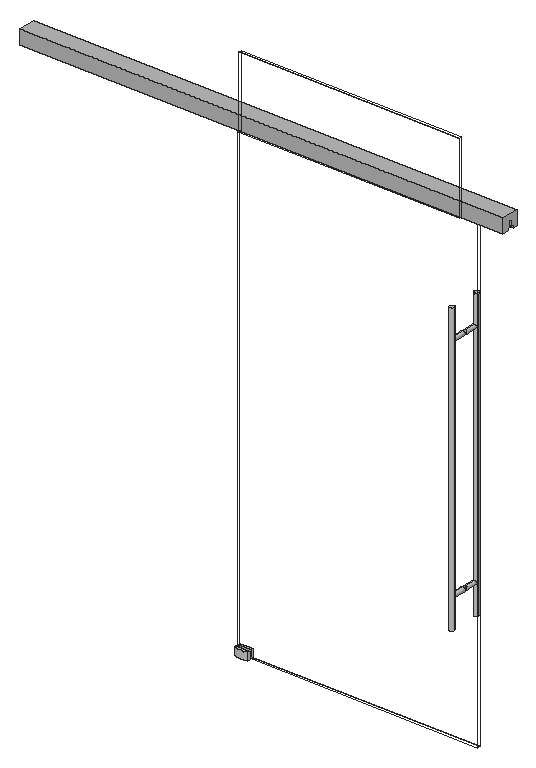
Revit family "Doors_Sliding_Avanti_Systems_Polaris-Auto-Magnetic-Slider_Single-Glass-Mount-Sgl-Glazed", category Doors, Revit 2015
Parameters (values of type "Load Family Type Catalog")
  Youtube clip = ""
  Weight Net (Kg) = "0"
  Warranty = "1 year"  # constant formula
  Uniformat II Description = "Interior Doors"
  Uniformat II Code = "C1020"
  Uniclass 2015 Name = "Sliding door and partition sets"
  Uniclass 2015 Code = "Pr_30_59_24_80"
  Uniclass 2.0 Description = "Sliding Door And Partition Sets"
  Uniclass 2.0 Code = "PR-59-23-77"
  Uniclass 1.4 Description = "Doors"
  Uniclass 1.4 Code = "JL20"
  URL = "https://www.avantisystemsusa.com"
  UNSPSC Code = "30171501"
  Type = 1
  Transome Glass Width [instance] = 36 5/8"
  Transome Glass Height [instance] = 12"
  Transom Height [instance] = 12"
  Thickness = if(Type = 1, 1/2", if(Type = 2, 3/8", if(Type = 3, 7/16", if(Type = 4, 9/16", 3/4"))))  # 1/2"
  Technical description = ""
  Stainless Steel Finish = "Yes"  # constant formula
  Sound Rating = 0
  Region South America = "All"
  Region Oceania = "All"
  Region North America = "All"
  Region Middle East = "All"
  Region Europe = "All"
  Region Asia = "All"
  Region Antarctica = "All"
  Region Africa = "All"
  Rail material [instance] = Polyester powder - Avanti - White aluminium METALLIC - RAL9006
  Rail Length [instance] = (Opening Width * 2) + 6 5/16"  # 80 5/16"
  QR code = "http://bimobject.com/avantisystems/product/avanti-polaris-auto-magnetic-slider"
  Product url = "https://www.avantisystemsusa.com/glass-products/doors/sliding-doors/automatic-doors/"
  Product group = "Automatic Doors"
  Product family = "Sliding Doors"
  Product data url = "https://bimobject.com/avantisystems/product/avanti-polaris-auto-magnetic-slider"
  Product certification = ""
  Product SKU = "avanti-polaris-auto-magnetic-slider"
  Product Guid = "5e847812-9909-4e74-9d64-870bde1c5a5f"
  Power = 110 V  # constant formula
  Opening Width [instance] = 37"
  OmniClass Description = "Sliding All Glass Doors"
  OmniClass Code = "23-17 11 23 13"
  Nominal width = 0"
  Nominal height = 0"
  NBS Reference Description = "Sliding Door And Partition Sets"
  NBS Reference Code = "59-23-77"
  Model = "Polaris™ Auto Magnetic Slider"  # constant formula
  Material secondary = "Aluminium"
  Material main = "Glass"
  Masterformat 2014 Description = "Sliding Aluminum-Framed Glass Doors"
  Masterformat 2014 Code = "08 32 13"
  Manufacturer name = "Avanti Systems"
  Manufacturer country = ""
  Manufacturer = "Avanti Systems USA"  # constant formula
  Lock = "Thumb turn floor lock with a key"
  Ladder Pull Height [instance] = 18"
  LEED compatibility = "LEED 2009 (v3): MRc3, MRc4, MRc5, MRc7, EQc4.2, EQc8.1 and EQc8.2. LEED v4: MRc1, MRc3, MRc4, MRc8, EQc2, EQc7 and EQc8."  # constant formula
  Installation instructions = ""
  IFC Classification = "Door"
  Hardware material [instance] = Stainless Steel - Avanti- Brushed Finish
  Handle type [instance] = Handle : 48" Ladder Pull
  Glazing = "Safety Glazing SGCC"
  Glass Width [instance] = 40"
  Glass Material = Glass - Avanti -  Low Iron
  Glass Marker = yes
  Glass Height [instance] = 80.34809"
  Gap Thickness = if(Type = 1, 1 1/4", if(Type = 2, 1 39/128", if(Type = 3, 1 35/128", if(Type = 4, 1 27/128", 1 15/128"))))  # 1 1/4"
  Function = Interior
  Edition number = 1
  EAN code = ""
  Design country = "United States"
  Description = "The newset innovation in modern interior office entryway design."  # constant formula
  Date of publishing = ""
  Clear Anodic Finish = "ASTM B221 (ASTM B221M)"  # constant formula
  COBIe Type Category = ""
  Brand url = "http://www.avantisystemsusa.com/"
  BIMobject main category code = "doors"
  BIMobject main category = "Doors"
  BIMobject category code = "doors-sliding"
  BIMobject category = "Sliding"
  Analytic Construction = "<None>"
Reference planes (in)
  plane 1 "Center (Front/Back)": y = 0
  plane 2: z = 0
  plane 3 "Center (Left/Right)": x = 3.24894
  plane 4: x = -15.25106
  plane 5: x = 21.74894
  plane 6 "Top": z = 91.14172
  plane 7 "Curtain_wall_center": y = 0
  plane 8 "Curtain_wall_exterior": y = 0.25
  plane 9 "Curtain_wall_interior": y = -0.25
  plane 10 "Top_panel_height": z = 79.14172
  plane 11 "Doors_exterior": y = 2
  plane 12 "Doors_center": y = 1.75
  plane 13 "Doors_interior": y = 1.5
  plane 14 "Door_offset_left": x = -16.75106
  plane 15 "Door_offset_right": x = 23.24894
  plane 16 "Door_offset_top": z = 80.5
  plane 17 "Handle_placement_top": z = 18
  plane 18 "Handle_placement_level": x = 20.74894
  plane 19: x = -14.76823
  plane 20: z = 0.15191
  plane 21: x = -51.87606
  plane 22: x = 28.43644
  plane 23: x = 21.56144
  plane 24: x = -15.06356
  plane 25: z = 90.95422
  plane 26: z = 40.25
Forms (in)
  Extrusion 1, solid, material "Glass - Avanti -  Low Iron" <- "Glass Material"
    sketch origin (0, 0, 0) x (1, 0, 0) y (0, 1, 0)
      loop
        line (-16.75106, 2) -> (-16.75106, 1.5) -> (23.24894, 1.5) -> (23.24894, 2) -> (-16.75106, 2)
    from 0.15191 to 80.5
  Extrusion 2, solid, material "Stainless Steel - Avanti- Brushed Finish" <- "Hardware material"
    sketch origin (0, 0, 0) x (1, 0, 0) y (0, 1, 0)
      loop
        arc (-17.01409, 1.23406) -> (-15.89116, 1.03173) -> (-14.76823, 1.23406) r 3.2173
        line (-14.76823, 1.23406) -> (-14.76823, 2.26594)
        arc (-14.76823, 2.26594) -> (-15.89116, 2.5166) -> (-17.01409, 2.26594) r 2.64063
        line (-17.01409, 2.26594) -> (-17.01409, 1.23406)
    from 0 to 1.21575
  Extrusion 3, void
    sketch origin (3.24894, 0, 0) x (0, 1, 0) y (0, 0, 1)
      loop
        line (2, 1.21575) -> (1.5, 1.21575) -> (1.5, 0.15191) -> (2, 0.15191) -> (2, 1.21575)
    from -20.26303 to -18.01717
  Sweep 4, solid, material "Polyester powder - Avanti - White aluminium METALLIC - RAL9006" <- "Rail material"
    path origin (0, 0, 0) x (1, 0, 0) y (0, 0, 1)
      loop
        line (28.43644, 80.5) -> (-51.87606, 80.5)
    profile origin (-11.71981, 0, 80.5) x (0, 0, -1) y (0, -1, 0)
      loop
        line (1.35828, -0.25) -> (-1.00393, -0.25) -> (-1.00393, -3.01227) -> (1.35828, -3.01227) -> (1.35828, -2.42172) -> (0.96064, -2.42172) -> (0.96064, -2) -> (0, -2) -> (0, -1.5) -> (1.00001, -1.5) -> (1.00001, -1.22486) -> (1.35828, -1.22486) -> (1.35828, -0.25)
  Extrusion 5, solid, material "Glass - Avanti -  Low Iron" <- "Glass Material"
    sketch origin (0, 0, 0) x (1, 0, 0) y (0, 1, 0)
      loop
        line (-15.06356, 0.25) -> (-15.06356, -0.25) -> (21.56144, -0.25) -> (21.56144, 0.25) -> (-15.06356, 0.25)
    from 79.14172 to 91.14172
Cuts and joins
  Extrusion 3 cuts Extrusion 2
Lines and regions (in)
  symbolic lines, style "0"
    curve 1: line (-17.01409, 1.23406, 0) -> (-17.01409, 2.26594, 0)
    curve 2: line (-14.76823, 1.23406, 0) -> (-14.76823, 2.26594, 0)
    curve 3: circle (-16.75106, 1.75, 0) r 0.22256 normal (0, 0, 1)
    curve 4: circle (-16.75106, 1.75, 0) r 0.13151 normal (0, 0, 1)
    curve 5: circle (-15.03126, 1.75, 0) r 0.22256 normal (0, 0, 1)
    curve 6: circle (-15.03126, 1.75, 0) r 0.13151 normal (0, 0, 1)
    curve 7: arc (-15.42624, 1.37569, 0) -> (-15.29429, 1.75, 0) -> (-15.42624, 2.12431, 0) r 0.59687
    curve 8: arc (-16.35608, 2.12431, 0) -> (-16.48803, 1.75, 0) -> (-16.35608, 1.37569, 0) r 0.59687
    curve 9: line (-14.76823, 2.12431, 0) -> (-17.01409, 2.12431, 0)
    curve 10: line (-14.76823, 1.37569, 0) -> (-17.01409, 1.37569, 0)
    curve 21: arc (-14.76823, 1.23406, 0) -> (-15.89116, 1.03173, 0) -> (-17.01409, 1.23406, 0) r 3.2173
    curve 35: line (-14.76823, 1.5, 0) -> (23.24894, 1.5, 0)
    curve 36: line (23.24894, 1.5, 0) -> (23.24894, 2, 0)
    curve 37: line (-14.76823, 2, 0) -> (23.24894, 2, 0)
    curve 38: line (3.24894, 0.25, 91.14172) -> (3.24894, -0.25, 91.14172)
    curve 39: line (3.24894, 0.25, 79.14172) -> (3.24894, 0.25, 91.14172)
    curve 40: line (3.24894, -0.25, 79.14172) -> (3.24894, 0.25, 79.14172)
    curve 41: line (3.24894, -0.25, 91.14172) -> (3.24894, -0.25, 79.14172)
    curve 42: line (3.24894, 2, 0.15191) -> (3.24894, 2, 80.5)
    curve 43: line (3.24894, 1.5, 0.15191) -> (3.24894, 2, 0.15191)
    curve 44: line (3.24894, 1.5, 80.5) -> (3.24894, 1.5, 0.15191)
    curve 45: arc (-14.76823, 2.26594, 0) -> (-15.89116, 2.46827, 0) -> (-17.01409, 2.26594, 0) r 3.2173
  symbolic lines, style "0", not visible
    curve 11: line (-11.39483, 5.69093, 0) -> (-11.39483, 4.65905, 0)
    curve 12: line (-13.64069, 5.69093, 0) -> (-13.64069, 4.65905, 0)
    curve 13: circle (-11.65786, 5.17499, 0) r 0.22256 normal (0, 0, 1)
    curve 14: circle (-11.65786, 5.17499, 0) r 0.13151 normal (0, 0, 1)
    curve 15: circle (-13.37767, 5.17499, 0) r 0.22256 normal (0, 0, 1)
    curve 16: circle (-13.37767, 5.17499, 0) r 0.13151 normal (0, 0, 1)
    curve 17: arc (-12.98268, 5.5493, 0) -> (-13.11464, 5.17499, 0) -> (-12.98268, 4.80068, 0) r 0.59687
    curve 18: arc (-12.05285, 4.80068, 0) -> (-11.92089, 5.17499, 0) -> (-12.05285, 5.5493, 0) r 0.59687
    curve 19: line (-13.64069, 4.80068, 0) -> (-11.39483, 4.80068, 0)
    curve 20: line (-13.64069, 5.5493, 0) -> (-11.39483, 5.5493, 0)
    curve 22: arc (-13.64069, 5.69093, 0) -> (-12.51776, 5.89326, 0) -> (-11.39483, 5.69093, 0) r 3.2173
    curve 46: arc (-13.64069, 4.65905, 0) -> (-12.51776, 4.45672, 0) -> (-11.39483, 4.65905, 0) r 3.2173
  symbolic lines, style "0", detail levels medium+fine
    curve 23: circle (20.74894, 4.27391, 0) r 0.39445 normal (0, 0, 1)
    curve 24: line (20.43894, 4.03001, 0) -> (20.43894, 2, 0)
    curve 25: line (21.06195, 4.03387, 0) -> (21.06195, 2, 0)
    curve 26: circle (20.74894, -0.77391, 0) r 0.39445 normal (0, 0, -1)
    curve 27: line (20.43894, -0.53001, 0) -> (20.43894, 1.5, 0)
    curve 28: line (21.06195, -0.53387, 0) -> (21.06195, 1.5, 0)
  symbolic lines, style "0", not visible, detail levels medium+fine
    curve 29: circle (20.74894, 4.89891, 0) r 0.39445 normal (0, 0, 1)
    curve 30: line (20.43894, 4.65501, 0) -> (20.43894, 2.625, 0)
    curve 31: line (21.06195, 4.65887, 0) -> (21.06195, 2.625, 0)
    curve 32: circle (20.74894, -0.14891, 0) r 0.39445 normal (0, 0, -1)
    curve 33: line (20.43894, 0.09499, 0) -> (20.43894, 2.125, 0)
    curve 34: line (21.06195, 0.09113, 0) -> (21.06195, 2.125, 0)
  symbolic lines, not visible
    curve 47: line (-16.88257, 1.75, 0) -> (-16.61954, 1.75, 0)
    curve 48: line (-11.52635, 5.17499, 0) -> (-11.78938, 5.17499, 0)
    curve 52: line (1.40098, 0.25002, 40.25) -> (5.0969, 0.25002, 40.25)
    curve 57: line (-1.84534, 0.25002, 22.66367) -> (1.85057, 0.25002, 22.66367)
  symbolic lines, visible <- "Glass Marker"
    curve 49: line (0.42051, -0.24998, 37.42157) -> (6.07737, -0.24998, 43.07843)
    curve 50: line (3.24894, -0.24998, 38.40204) -> (5.0969, -0.24998, 40.25)
    curve 51: line (1.40098, -0.24998, 40.25) -> (3.24894, -0.24998, 42.09796)
  model lines, not visible
    curve 53: line (3.24894, 0.25002, 38.40204) -> (3.24894, 0.25002, 42.09796)
    curve 58: line (0.00262, 0.25002, 20.81572) -> (0.00262, 0.25002, 24.51163)
  symbolic lines, visible <- "Glass Marker", not visible
    curve 54: line (-2.82581, -0.24998, 19.83525) -> (2.83104, -0.24998, 25.4921)
    curve 55: line (0.00262, -0.24998, 20.81572) -> (1.85057, -0.24998, 22.66367)
    curve 56: line (-1.84534, -0.24998, 22.66367) -> (0.00262, -0.24998, 24.51163)
Text (in)
  text "Exterior" at (-45.72835, 31.38743, 0), in view "Ref. Level"
Dimensions and locks (in)
  equal spacing: plane 4, plane 3 "Center (Left/Right)", plane 5  (x2)
  equal spacing: plane 8 "Curtain_wall_exterior", plane 7 "Curtain_wall_center", plane 9 "Curtain_wall_interior"
  equal spacing: plane 11 "Doors_exterior", plane 12 "Doors_center", plane 13 "Doors_interior"
  "Gap Thickness": plane 13 "Doors_interior" to plane 8 "Curtain_wall_exterior"
  locked: plane 5 to plane 15 "Door_offset_right" at 1.5
  locked: plane 14 "Door_offset_left" to plane 4 at 1.5
  "Thickness": plane 11 "Doors_exterior" to plane 13 "Doors_interior"
  "Thickness": plane 8 "Curtain_wall_exterior" to plane 9 "Curtain_wall_interior"
  "Ladder Pull Height": plane 2 to plane 17 "Handle_placement_top"
  locked: plane 18 "Handle_placement_level" to plane 15 "Door_offset_right" at 2.5
  equal spacing: plane 14 "Door_offset_left", plane 3 "Center (Left/Right)", plane 15 "Door_offset_right"
  "Opening Width": plane 4 to plane 5
  locked: plane 4 to plane 19 at 0.48283
  locked: plane 18 "Handle_placement_level" to curve 25 at 0.31301
  locked: plane 18 "Handle_placement_level" to curve 28 at 0.31301
  locked: plane 5 to plane 22 at 6.6875
  "Rail Length": plane 21 to plane 22
  locked: plane 10 "Top_panel_height" to plane 16 "Door_offset_top" at 1.35828
  plane 11 "Doors_exterior" to plane 13 "Doors_interior" = 1/2"
  plane 8 "Curtain_wall_exterior" to plane 9 "Curtain_wall_interior" = 1/2"
  "Transom Height": plane 10 "Top_panel_height" to plane 6 "Top"
  locked: plane 24 to plane 4 at 0.1875
  locked: plane 25 to plane 6 "Top" at 0.1875
  locked: plane 23 to plane 5 at 0.1875
  equal spacing: plane 2, plane 26, plane 16 "Door_offset_top"
  locked: nested 3 to curve 52 at 7
  "Transome Glass Width": Extrusion 5 to Extrusion 5
  "Transome Glass Height": plane 10 "Top_panel_height" to plane 6 "Top"
  "Glass Width": plane 14 "Door_offset_left" to plane 15 "Door_offset_right"
  locked: plane 2 to plane 20 at 0.15191
  "Glass Height": plane 20 to plane 16 "Door_offset_top"
  locked: plane 11 "Doors_exterior" to nested 2 at 3
  aligned and locked: level to plane 2
  aligned and locked: Extrusion 1 sketch curve to plane 11 "Doors_exterior"
  aligned and locked: Extrusion 1 sketch curve to plane 14 "Door_offset_left"
  aligned and locked: plane 13 "Doors_interior" to Extrusion 1 sketch curve
  aligned and locked: plane 15 "Door_offset_right" to Extrusion 1 sketch curve
  aligned and locked: plane 16 "Door_offset_top" to Extrusion 1
  aligned and locked: curve 2 to plane 19
  aligned and locked: plane 11 "Doors_exterior" to curve 25
  aligned and locked: plane 11 "Doors_exterior" to curve 24
  aligned and locked: plane 13 "Doors_interior" to curve 28
  aligned and locked: plane 13 "Doors_interior" to curve 27
  aligned and locked: plane 11 "Doors_exterior" to Extrusion 3 sketch curve
  aligned and locked: Extrusion 3 sketch curve to plane 13 "Doors_interior"
  aligned and locked: Extrusion 2 to Extrusion 3 sketch curve
  aligned and locked: curve 43 to cut or joined group of Extrusion 2, Extrusion 3
  aligned and locked: curve 44 to cut or joined group of Extrusion 2, Extrusion 3
  aligned and locked: cut or joined group of Extrusion 2, Extrusion 3 to plane 2
  aligned and locked: Sweep 4 sketch curve to plane 16 "Door_offset_top"
  aligned and locked: plane 22 to Sweep 4 sketch curve
  aligned and locked: plane 21 to Sweep 4 sketch curve
  aligned and locked: plane 16 "Door_offset_top" to nested 1
  aligned and locked: Sweep 4 sketch curve to nested 1  (x5)
  aligned and locked: Sweep 4 sketch curve to plane 8 "Curtain_wall_exterior"
  aligned and locked: cut or joined group of Extrusion 2, Extrusion 3 to plane 19
  aligned and locked: plane 16 "Door_offset_top" to curve 42
  aligned and locked: plane 16 "Door_offset_top" to curve 44
  aligned and locked: Extrusion 5 sketch curve to plane 8 "Curtain_wall_exterior"
  aligned and locked: plane 9 "Curtain_wall_interior" to Extrusion 5 sketch curve
  aligned and locked: curve 47 to plane 12 "Doors_center"
  aligned and locked: Extrusion 1 to cut or joined group of Extrusion 2, Extrusion 3
  aligned and locked: Extrusion 5 to plane 10 "Top_panel_height"
  aligned and locked: Extrusion 5 to plane 23
  aligned and locked: Extrusion 5 to plane 6 "Top"
  aligned and locked: Extrusion 5 to plane 24
  aligned and locked: plane 3 "Center (Left/Right)" to curve 53
  aligned and locked: plane 26 to curve 52
  aligned and locked: plane 12 "Doors_center" to nested 1
  aligned and locked: Sweep 4 sketch curve to plane 11 "Doors_exterior"
  aligned and locked: plane 13 "Doors_interior" to Sweep 4 sketch curve
  aligned and locked: plane 3 "Center (Left/Right)" to nested 2
  aligned and locked: plane 3 "Center (Left/Right)" to nested 3
  aligned and locked: plane 20 to Extrusion 1
  aligned and locked: plane 18 "Handle_placement_level" to nested 4
  aligned and locked: plane 2 to nested 4
  aligned and locked: plane 11 "Doors_exterior" to nested 4
Automatic sketch dimensions
  curve 35 to plane 13 "Doors_interior" = 0"
  curve 35 to plane 19 = 0"
  curve 37 to plane 11 "Doors_exterior" = 0"
  curve 37 to plane 19 = 0"
  Extrusion 2 sketch curve to plane 19 = 0"
  plane 4 to Extrusion 2 sketch curve = 0.6401"  (x2)
  plane 1 "Center (Front/Back)" to Extrusion 2 sketch curve = 0.12403"
  plane 14 "Door_offset_left" to Extrusion 2 sketch curve = 0.26303"
  Extrusion 2 sketch curve to plane 13 "Doors_interior" = 0.26594"
  plane 11 "Doors_exterior" to Extrusion 2 sketch curve = 0.26594"
  plane 11 "Doors_exterior" to Extrusion 2 sketch curve = 2.24903"
  level to Extrusion 3 sketch curve = 0.15191"
  Sweep 4 sketch curve to profile plane = 0"
  Sweep 4 sketch curve to Sweep 4 sketch curve = 0"
  Sweep 4 sketch curve to Sweep 4 sketch curve = 0.39764"
  Sweep 4 sketch curve to Sweep 4 sketch curve = 0.35827"
  curve 40 to plane 9 "Curtain_wall_interior" = 0"
  curve 39 to plane 8 "Curtain_wall_exterior" = 0"
  curve 3 to curve 4 = 0"  (x4)
  curve 5 to curve 6 = 0"  (x4)
  curve 7 to curve 8 = 0"  (x4)
  curve 9 to curve 6 = 0.26303"
  curve 5 to curve 8 = 0.8599"
  curve 2 to curve 21 = 1.12293"
  curve 2 to curve 45 = 1.12293"
  curve 7 to curve 4 = 0.8599"
  curve 3 to curve 1 = 0.26303"
  curve 21 to curve 2 = 1.98308"
  curve 45 to curve 4 = 0.51594"
  curve 3 to curve 7 = 0"
  curve 45 to curve 6 = 0.51594"
  curve 5 to curve 2 = 0.51594"
  curve 2 to curve 45 = 1.98308"
  curve 5 to curve 7 = 0.39498"  (x2)
  curve 8 to curve 3 = 0.39498"
  curve 3 to curve 47 = 0.13151"
  curve 45 to curve 9 = 0.14163"
  curve 47 to curve 3 = 0"
  curve 13 to curve 14 = 0"  (x4)
  curve 15 to curve 16 = 0"  (x4)
  curve 17 to curve 18 = 0"  (x4)
  curve 19 to curve 16 = 0.26303"
  curve 15 to curve 18 = 0.8599"
  curve 12 to curve 22 = 1.12293"
  curve 12 to curve 46 = 1.12293"
  curve 17 to curve 14 = 0.8599"
  curve 13 to curve 11 = 0.26303"
  curve 22 to curve 12 = 1.98308"
  curve 46 to curve 14 = 0.51594"
  curve 13 to curve 17 = 0"
  curve 46 to curve 16 = 0.51594"
  curve 15 to curve 12 = 0.51594"
  curve 12 to curve 46 = 1.98308"
  curve 15 to curve 17 = 0.39498"  (x2)
  curve 18 to curve 13 = 0.39498"
  curve 13 to curve 48 = 0.13151"
  curve 46 to curve 19 = 0.14163"
  curve 48 to curve 13 = 0"
  plane 5 to Extrusion 5 sketch curve = 3/16"
  Extrusion 5 sketch curve to plane 4 = 3/16"
  curve 43 to plane 11 "Doors_exterior" = 0"
  curve 36 to plane 15 "Door_offset_right" = 0"
  curve 40 to plane 10 "Top_panel_height" = 0"
  plane 6 "Top" to curve 38 = 0"
  radius of curve 3 = 0.22256"
  radius of curve 5 = 0.22256"
  radius of curve 6 = 0.13151"
  radius of curve 13 = 0.22256"
  radius of curve 15 = 0.22256"
  radius of curve 16 = 0.13151"
Nested families (in)
  nested 1: "Rail-Detail" at (3.24894, 1.67614, 80.32282) x (0, 1, 0) z (1, 0, 0), type "Rail-Detail"
    with Thickness 1/2", Half Thickness 1/4"
  nested 2: "Arrow" at (3.24894, 5, 0), type "arrow"
  nested 3: "Arrow" at (3.24894, 0, 47.25) x (1, 0, 0) z (0, -1, 0), type "arrow"
  nested 4: "Handle" at (22.37394, 3.375, 38) x (-1, 0, 0) z (0, 1, 0), type <- "Handle type", type "48" Ladder Pull", detail levels medium+fine
    with Locker yes
Definition of nested family "Handle"
  Parameters (values of type "48" Ladder Pull")
    Width = 54.28299"
    Type = 3
    Ladder Pool Height = 18"
    Ladder 60" = if(Type = 5, 1 = 1, 1 = 0)  # no
    Ladder = if(Type = 3, 1 = 1, 1 = 0)  # yes
    Thickness = 1/2"
    Panic hardware = if(Type = 4, 1 = 1, 1 = 0)  # no
    Material = none
    Locker [instance] = yes
    Height = 90 9/16"
    Glass door = if(Type = 2, 1 = 1, 1 = 0)  # no
    Framed door = if(Type = 1, 1 = 1, 1 = 0)  # no
    Default Elevation = 48"
  Types (2): name | Type | Ladder 60" | Ladder
    60" Ladder Pull | 5 | yes | no
    48" Ladder Pull | 3 | no | yes
  Reference planes (in)
    plane 1 "Center (Front/Back)": y = 0
    plane 2: z = 0
    plane 3 "Center (Left/Right)": x = 0
    plane 4 "door_up": z = -1.375
    plane 5 "door_down": z = -1.875
    plane 6: z = -3.25
    plane 7: x = -1.25
    plane 8: x = -43.31449
    plane 9: x = -46.03299
    plane 10: x = -43.31449
    plane 11: y = 51.9375
    plane 12: y = 0.625
    plane 13: y = 11.125
    plane 14: y = 52.5625
    plane 15: y = -38
    plane 16: x = -50.15799
    plane 17 "door": x = 4.125
    plane 18: x = 1.625
    plane 19: y = -20
  Forms (in)
    Sweep 1, solid, material <- "Material", visible <- "Panic hardware"
      path origin (0, 0, 0) x (1, 0, 0) y (0, 1, 0)
        loop
          line (-1.25, 51.9375) -> (-1.25, 4.25)
          arc (-1.25, 4.25) -> (-2.12868, 2.12868) -> (-4.25, 1.25) r 3
          line (-4.25, 1.25) -> (-43.31449, 1.25)
      profile origin (-1.25, 28.09375, 0) x (1, 0, 0) y (0, 0, 1)
        loop
          circle (0.625, 0.625) r 0.625
    Sweep 2, solid, material <- "Material", visible <- "Panic hardware"
      path origin (0, 0, 0) x (1, 0, 0) y (0, 0, 1)
        loop
          line (-43.31449, 0) -> (-44.06449, 0)
          arc (-44.06449, 0) -> (-44.57255, -0.21044) -> (-44.78299, -0.7185) r 0.7185
          line (-44.78299, -0.7185) -> (-44.78299, -1.375)
      profile origin (-43.68949, 0, 0) x (0, 0, -1) y (0, -1, 0)
        loop
          circle (-0.625, -0.625) r 0.625
    Sweep 3, solid, material <- "Material", visible <- "Panic hardware"
      path origin (0, 0, -6.75) x (1, 0, 0) y (0, 0, -1)
        loop
          line (-43.31449, -3.5) -> (-44.06449, -3.5)
          arc (-44.06449, -3.5) -> (-44.57255, -3.71044) -> (-44.78299, -4.2185) r 0.7185
          line (-44.78299, -4.2185) -> (-44.78299, -4.875)
      profile origin (-43.68949, 0, -3.25) x (0, 0, -1) y (0, -1, 0)
        loop
          circle (0.625, -0.625) r 0.625
    Sweep 4, solid, material <- "Material", visible <- "Panic hardware"
      path origin (-30, 0, -6.75) x (-1, 0, 0) y (0, 0, -1)
        loop
          line (13.31449, -3.5) -> (-28.0315, -3.5)
          arc (-28.0315, -3.5) -> (-28.53956, -3.71044) -> (-28.75, -4.2185) r 0.7185
          line (-28.75, -4.2185) -> (-28.75, -4.875)
      profile origin (-22.6415, 0, -3.25) x (0, 0, 1) y (0, -1, 0)
        loop
          circle (-0.625, -0.625) r 0.625
  Cuts and joins
    joined: Sweep 1, Sweep 2
    joined: Sweep 3, Sweep 4
  Dimensions and locks (in)
    "Thickness": plane 5 "door_down" to plane 4 "door_up"
    locked: plane 3 "Center (Left/Right)" to plane 7 at 1.25
    locked: plane 9 to plane 8 at 2.7185
    locked: plane 9 to Sweep 3 sketch curve at 1.25
    locked: Sweep 2 sketch curve to plane 9 at 1.25
    locked: plane 10 to plane 9 at 2.7185
    locked: Sweep 1 sketch curve to plane 1 "Center (Front/Back)" at 1.25
    locked: plane 3 "Center (Left/Right)" to nested 1 at 0.125
    locked: plane 4 "door_up" to plane 2 at 1.375
    locked: plane 6 to plane 5 "door_down" at 1.375
    locked: plane 12 to plane 1 "Center (Front/Back)" at 0.625
    locked: plane 13 to plane 12 at 10.5
    locked: plane 14 to plane 11 at 0.625
    "Height": plane 14 to plane 15
    locked: plane 1 "Center (Front/Back)" to plane 15 at 38
    locked: plane 3 "Center (Left/Right)" to plane 17 "door" at 4.125
    "Width": plane 16 to plane 17 "door"
    locked: plane 16 to plane 10 at 6.8435
    locked: plane 18 to plane 17 "door" at 2.5
    "Ladder Pool Height": plane 19 to plane 15
    aligned and locked: level to plane 2
    aligned and locked: plane 4 "door_up" to cut or joined group of Sweep 1, Sweep 2
    aligned and locked: Sweep 2 sketch curve to plane 4 "door_up"
    aligned and locked: Sweep 3 sketch curve to plane 5 "door_down"
    aligned and locked: plane 6 to Sweep 3 sketch curve
    aligned and locked: plane 7 to Sweep 4 sketch curve
    aligned and locked: Sweep 4 sketch curve to plane 6
    aligned and locked: plane 8 to Sweep 4 sketch curve
    aligned and locked: plane 8 to Sweep 3 sketch curve
    aligned and locked: plane 10 to Sweep 2 sketch curve
    aligned and locked: plane 10 to Sweep 1 sketch curve
    aligned and locked: plane 11 to Sweep 1 sketch curve
    aligned and locked: plane 5 "door_down" to Sweep 4 sketch curve
    aligned and locked: nested 1 to plane 4 "door_up"
    aligned and locked: plane 13 to nested 1
    aligned and locked: nested 2 to plane 4 "door_up"
    aligned and locked: plane 3 "Center (Left/Right)" to nested 2
    aligned and locked: nested 2 to plane 11
    aligned and locked: nested 2 to plane 14
    aligned and locked: plane 18 to nested 3
    aligned and locked: plane 1 "Center (Front/Back)" to nested 3
    aligned and locked: nested 4 to plane 18
    aligned and locked: nested 4 to plane 1 "Center (Front/Back)"
    aligned and locked: nested 5 to plane 4 "door_up"
    aligned and locked: nested 5 to plane 17 "door"
    aligned and locked: nested 5 to plane 1 "Center (Front/Back)"
    aligned and locked: nested 6 to plane 4 "door_up"
    aligned and locked: plane 5 "door_down" to nested 7
    aligned and locked: nested 7 to plane 19
    aligned and locked: plane 19 to nested 6
    aligned and locked: nested 6 to plane 18
    aligned and locked: nested 7 to plane 18
    aligned and locked: plane 4 "door_up" to nested 8
    aligned and locked: plane 15 to nested 8
    aligned and locked: plane 5 "door_down" to nested 9
    aligned and locked: nested 9 to plane 15
    aligned and locked: plane 18 to nested 8
    aligned and locked: plane 18 to nested 9
  Nested families (in)
    nested 1: "Family2" at (-1.125, 11.125, 0.22234), visible <- "Panic hardware", type "Family2"
      with Lock yes
    nested 2: "Family3" at (-0.26102, 51.9375, -1.63602), visible <- "Panic hardware", type "Family3"
      with Thickness 1/2"
    nested 3: "Handle Timber" at (1.625, 0, -1.875), Locker <- "Locker", visible <- "Framed door", type "Handle Timber"
      with Locker yes
    nested 4: "Handle Timber" at (1.625, 0, -1.375) x (1, 0, 0) z (0, 0, -1), Locker <- "Locker", visible <- "Framed door", type "Handle Timber"
      with Locker yes
    nested 5: "Hinged Framed Swing locker" at (3.22214, -1.5625, -5.625), Handle and assembly material <- "Material", visible <- "Glass door", type "Hinged Framed Swing locker"
      with Handle and assembly material none
    nested 6: "Handle_For-Glass_Rounded_600mm" at (1.625, 13.36577, -1.375) x (-1, 0, 0) z (0, 0, -1), Handle Material <- "Material", visible <- "Ladder", type "Handle_For-Glass_Rounded_600mm"
      with Handle Material none, Handle Height 48"
    nested 7: "Handle_For-Glass_Rounded_600mm" at (1.625, -5.36577, -1.875) x (-1, 0, 0) z (0, 0, 1), Handle Material <- "Material", visible <- "Ladder", type "Handle_For-Glass_Rounded_600mm"
      with Handle Material none, Handle Height 48"
    nested 8: "Handle_For-Glass_Rounded_60in" at (1.625, 2.47039, -1.375), visible <- "Ladder 60"", Handle Material <- "Material", type "60""
      with No locker yes, Locker no, Handle Material none, Handle Height 60"
    nested 9: "Handle_For-Glass_Rounded_60in2" at (1.625, 2.47039, -1.875), visible <- "Ladder 60"", Handle Material <- "Material", type "60""
      with No locker no, Locker yes, Handle Material none, Handle Height 60"
  Definition of nested family "Family2"
    Parameters (values of type "Family2")
      Thickness = 1/2"
      Material = none
      Lock = no
    Reference planes (in)
      plane 1 "Center (Front/Back)": y = 0
      plane 2: z = 0
      plane 3 "Center (Left/Right)": x = 0
      plane 4: z = -2.09734
      plane 5: z = -1.59734
    Forms (in)
      Extrusion 1, solid, material <- "Material"
        sketch origin (0, 0, 0) x (0, 1, 0) y (0, 0, 1)
          loop
            line (5.04078, -0.345) -> (5.04078, 0) -> (-2.39922, 0) -> (-2.39922, -0.345) -> (5.04078, -0.345)
        from 0 to 1
      Extrusion 2, solid, material <- "Material"
        sketch origin (0, 0, 0) x (0, 1, 0) y (0, 0, 1)
          loop
            line (-0.3074, -0.345) -> (-1.4374, -0.345) -> (-1.4374, -1.31734) -> (-0.3074, -1.31734) -> (-0.3074, -0.345)
        from 0.32565 to 0.66353
      Extrusion 3, solid, material <- "Material"
        sketch origin (0, 0, 0) x (0, 1, 0) y (0, 0, 1)
          loop
            line (-1.4374, -1.31734) -> (-1.4374, -1.59734) -> (1.43807, -1.59734) -> (1.43807, -1.31734) -> (-1.4374, -1.31734)
          loop
            line (1.45803, -2.09734) -> (-1.41697, -2.09734) -> (-1.41697, -3.82961)
            arc (-1.41697, -3.82961) -> (-1.36191, -3.96254) -> (-1.22897, -4.01761) r 0.188
            line (-1.22897, -4.01761) -> (1.27003, -4.01761)
            arc (1.27003, -4.01761) -> (1.40297, -3.96254) -> (1.45803, -3.82961) r 0.188
            line (1.45803, -3.82961) -> (1.45803, -2.09734)
        from 0 to 1
      Extrusion 4, solid, material <- "Material"
        sketch origin (0, 0, 0) x (0, 1, 0) y (0, 0, 1)
          loop
            arc (-3.2641, -0.65221) -> (-3.242, -0.64306) -> (-3.23285, -0.62096) r 0.03125
            line (-3.23285, -0.62096) -> (-3.23285, 0) -> (-3.4516, 0) -> (-3.4516, -0.62096)
            arc (-3.4516, -0.62096) -> (-3.44244, -0.64306) -> (-3.42035, -0.65221) r 0.03125
            line (-3.42035, -0.65221) -> (-3.2641, -0.65221)
        from 0.32565 to 0.66353
      Extrusion 5, solid, material <- "Material", visible <- "Lock"
        sketch origin (1, 0, 0) x (0, 1, 0) y (0, 0, 1)
          loop
            circle (0.20853, -3.12734) r 0.58
          loop
            circle (0.20853, -3.12734) r 0.5625
          loop
            circle (-0.07272, -3.12734) r 0.22671
        from 0 to 0.25
      Extrusion 6, solid, material <- "Material", visible <- "Lock"
        sketch origin (1, 0, 0) x (0, 1, 0) y (0, 0, 1)
          loop
            circle (0.20853, -3.12734) r 0.5625
        from 0 to 0.20472
      Extrusion 7, solid, material <- "Material", visible <- "Lock", not visible
        sketch origin (1, 0, 0) x (0, 1, 0) y (0, 0, 1)
          loop
            circle (0.20853, -3.12734) r 0.58
          loop
            circle (0.20853, -3.12734) r 0.5625
          loop
            circle (-0.07272, -3.12734) r 0.22671
        from 0 to 0.25
      Extrusion 8, solid, material <- "Material", visible <- "Lock", not visible
        sketch origin (1, 0, 0) x (0, 1, 0) y (0, 0, 1)
          loop
            circle (0.20853, -3.12734) r 0.5625
        from 0 to 0.20472
    Lines and regions (in)
      model lines, not visible
        curve 1: line (0, -0.35397, -3.12734) -> (0, 0.39603, -3.12734)
        curve 2: line (0, -0.35397, -3.12734) -> (0, 0.39603, -3.12734)
    Dimensions and locks (in)
      "Thickness": plane 4 to plane 5
      locked: plane 5 to plane 2 at 1.59734
      aligned and locked: level to plane 2
      aligned and locked: plane 5 to Extrusion 3 sketch curve
      aligned and locked: Extrusion 3 sketch curve to Extrusion 2
      aligned and locked: Extrusion 3 sketch curve to plane 4
  Definition of nested family "Family3"
    Parameters (values of type "Family3")
      Thickness = 0.50125"
      Material = none
    Reference planes (in)
      plane 1 "Center (Front/Back)": y = 0
      plane 2: z = 0
      plane 3 "Center (Left/Right)": x = 0
      plane 4: z = 0.26102
      plane 5: z = -0.24023
    Forms (in)
      Extrusion 1, solid, material <- "Material"
        sketch origin (-0.98898, 0.625, 0.26102) x (0, 0, -1) y (0, 1, 0)
          loop
            line (-0.28125, 0.125) -> (-0.28125, -2.375) -> (0, -2.375) -> (0, 0) -> (0.50125, 0) -> (0.50125, -2.37518) -> (0.78125, -2.37518) -> (0.78125, 0.125) -> (-0.28125, 0.125)
        from 0 to 1.25
      Revolve 2, solid, material <- "Material"
        sketch origin (-0.36398, 0.615, 0.26102) x (0, 0, -1) y (0, 1, 0)
          loop
            line (-0.28125, -0.615) -> (-1.5092, -0.615) -> (-1.5092, -0.995) -> (-0.28125, -0.995) -> (-0.28125, -0.615)
          axis (-1.5092, -0.995) -> (-0.28125, -0.995)
        angle from 0 to 360
    Dimensions and locks (in)
      "Thickness": plane 4 to plane 5
      locked: Extrusion 1 to plane 4 at 0.28125
      locked: plane 5 to Extrusion 1 at 0.28
      aligned and locked: level to plane 2
      aligned and locked: Extrusion 1 to plane 4
      aligned and locked: plane 5 to Extrusion 1
  Definition of nested family "Handle Timber"
    Parameters (values of type "Handle Timber")
      Locker [instance] = yes
      Handle material = none
      Default Elevation = 48"
    Reference planes (in)
      plane 1 "Center (Front/Back)": y = 0
      plane 2: z = 0
      plane 3 "Center (Left/Right)": x = 0
    Forms (in)
      Extrusion 1, solid, material <- "Handle material"
        sketch origin (0, 0.00944, 0.00975) x (-1, 0, 0) y (0, -1, 0.00026)
          loop
            line (0.82036, -6.01526) -> (0.82036, -4.11121)
            arc (0.82036, -4.11121) -> (0, -3.29085) -> (-0.82036, -4.11121) r 0.82036
            line (-0.82036, -4.11121) -> (-0.82036, -6.01526)
            arc (-0.82036, -6.01526) -> (0, -6.83563) -> (0.82036, -6.01526) r 0.82036
          loop
            line (0.82036, -0.95129) -> (0.82036, 0.95276)
            arc (0.82036, 0.95276) -> (0, 1.77313) -> (-0.82036, 0.95276) r 0.82036
            line (-0.82036, 0.95276) -> (-0.82036, -0.95129)
            arc (-0.82036, -0.95129) -> (0, -1.77165) -> (0.82036, -0.95129) r 0.82036
        from -0.36 to -0.00798
      Sweep 2, solid, material <- "Handle material"
        path origin (0, 0.00944, 0.00975) x (-1, 0, 0) y (0, 0.00026, 1)
          loop
            line (0.00372, -0.36) -> (0.00372, -2.13165)
            arc (0.00372, -2.13165) -> (0.19244, -2.58727) -> (0.64805, -2.77599) r 0.64433
            line (0.64805, -2.77599) -> (4.19136, -2.77599)
            arc (4.19136, -2.77599) -> (4.78191, -2.53137) -> (5.02652, -1.94082) r 0.83517
            line (5.02652, -1.94082) -> (5.02652, -0.63757)
        profile origin (-0.00372, 0.00911, -1.23607) x (-1, 0, 0) y (0, 1, -0.00026)
          loop
            circle (0, 0) r 0.3937
      Extrusion 3, solid, material <- "Handle material", visible <- "Locker"
        sketch origin (0, 0.00944, 0.00975) x (-1, 0, 0) y (0, -1, 0.00026)
          loop
            line (0.82009, 4.11958) -> (0.82408, 6.02363)
            arc (0.82408, 6.02363) -> (0.00543, 6.84571) -> (-0.81665, 6.02706) r 0.82036
            line (-0.81665, 6.02706) -> (-0.82063, 4.12301)
            arc (-0.82063, 4.12301) -> (-0.00199, 3.30093) -> (0.82009, 4.11958) r 0.82036
        from -0.36 to -0.01061
    Lines and regions (in)
      reference lines
        curve 1: line (0, 6.84506, 0) -> (0, -6.83627, 0)
        curve 2: line (-5.42022, 0.00893, 0) -> (0.82036, 0.00893, 0)
    Dimensions and locks (in)
      aligned and locked: level to plane 2
  Definition of nested family "Hinged Framed Swing locker"
    Parameters (values of type "Hinged Framed Swing locker")
      Thickness = 1/2"
      Lock = yes
      Handle and assembly material [instance] = none
    Reference planes (in)
      plane 1 "Center (Front/Back)": y = 0
      plane 2: z = 0
      plane 3 "Center (Left/Right)": x = 0
      plane 4: y = 0.59375
      plane 5: y = -0.59375
      plane 6: x = -1
      plane 7: x = 1
      plane 8: y = 0.25
      plane 9: y = -0.25
      plane 10: x = 1.5
      plane 11: z = 8
      plane 12: z = 4.6875
      plane 13: z = 3.6875
      plane 14: z = 3.125
      plane 15: x = 1.38539
      plane 16: z = 2.79297
      plane 17: y = 0.25
      plane 18: y = -0.25
      plane 19: x = 0.90286
      plane 20: z = 6.0625
      plane 21: y = -0.84375
      plane 22: y = -0.80275
      plane 23 "handle_center": z = 2.4375
      plane 24: x = -4.375
      plane 25: y = -1.23355
      plane 26: z = 2.69544
      plane 27: z = 2.17956
      plane 28: y = -2.05222
      plane 29: y = -2.71875
      plane 30: z = 2.69544
      plane 31: z = 2.17956
      plane 32: z = 4.25
      plane 33: z = 3.75
      plane 34: z = 4
    Forms (in)
      Extrusion 1, solid, material <- "Handle and assembly material"
        sketch origin (0, -4, 4) x (1, 0, 0) y (0, 0, -1)
          loop
            line (-1, 0.59375) -> (-1, 0.25) -> (0.90286, 0.25) -> (0.90286, -0.25) -> (-1, -0.25) -> (-1, -0.59375) -> (1, -0.59375) -> (1, 0.59375) -> (-1, 0.59375)
        from 0 to 8
      Extrusion 2, solid, material <- "Handle and assembly material", detail levels fine
        sketch origin (0, -4, 4) x (1, 0, 0) y (0, 0, -1)
          loop
            line (1, 0.25) -> (1, -0.25)
            arc (1, -0.25) -> (1.27121, -0.02121) -> (1.5, 0.25) r 2.09856
            line (1.5, 0.25) -> (1, 0.25)
        from 3.6875 to 4.6875
      Extrusion 3, solid, material <- "Handle and assembly material", detail levels fine
        sketch origin (0, -4, 4) x (1, 0, 0) y (0, 0, -1)
          loop
            line (1, 0.25) -> (1, -0.25)
            arc (1, -0.25) -> (1.0598, -0.20427) -> (1.0921, -0.13627) r 0.16012
            arc (1.0921, -0.13627) -> (1.11202, -0.10046) -> (1.14874, -0.08227) r 0.06897
            line (1.14874, -0.08227) -> (1.30312, -0.08227)
            arc (1.30312, -0.08227) -> (1.36129, -0.05818) -> (1.38539, 0) r 0.08227
            arc (1.38539, 0) -> (1.36129, 0.05818) -> (1.30312, 0.08227) r 0.08227
            line (1.30312, 0.08227) -> (1.14874, 0.08227)
            arc (1.14874, 0.08227) -> (1.11202, 0.10046) -> (1.0921, 0.13627) r 0.06897
            arc (1.0921, 0.13627) -> (1.0598, 0.20427) -> (1, 0.25) r 0.16012
        from 2.79297 to 3.125
      Extrusion 4, solid, material <- "Handle and assembly material", visible <- "Lock", detail levels medium+fine
        sketch origin (1, -4, 4.59375) x (-1, 0, 0) y (0, -1, 0)
          loop
            circle (1, -6.0625) r 0.63654
          loop
            circle (1, -6.0625) r 0.60041
        from 0 to 0.25
      Extrusion 5, solid, material <- "Handle and assembly material", visible <- "Lock", detail levels medium+fine
        sketch origin (1, -4, 4.59375) x (-1, 0, 0) y (0, -1, 0)
          loop
            circle (1, -6.0625) r 0.60041
        from 0 to 0.209
      Blend 6, solid, material <- "Handle and assembly material", visible <- "Lock", detail levels fine
        base sketch origin (1, -4, 4.80275) x (-1, 0, 0) y (0, -1, 0)
          loop
            circle (1, -5.84645) r 0.21605
        top sketch origin (1, -4, 4.80275) x (-1, 0, 0) y (0, -1, 0)
          loop
            circle (1, -5.84645) r 0.19257
        from 0 to 0.041
      Extrusion 7, solid, material <- "Handle and assembly material"
        sketch origin (1, -4, 4.59375) x (-1, 0, 0) y (0, -1, 0)
          loop
            circle (1, -2.4375) r 0.35547
        from 0 to 1.45847
      Extrusion 8, void
        sketch origin (0.04357, -4.04543, 4) x (0, 0, -1) y (-0.017452, 0.999848, 0)
          loop
            line (-1.23355, 2.79297) -> (-1.23355, 2.90667) -> (-2.86779, 2.90667) -> (-2.86779, 2.69544) -> (-1.36779, 2.69544)
            arc (-1.36779, 2.69544) -> (-1.28242, 2.71908) -> (-1.23355, 2.79297) r 0.12635
        from -3.60215 to 0.49573
      Extrusion 9, solid, material <- "Handle and assembly material"
        sketch origin (1, -4, 4.59375) x (-1, 0, 0) y (0, -1, 0)
          loop
            arc (0.71851, -2.22043) -> (0.66353, -2.32283) -> (0.64453, -2.4375) r 0.35547
            arc (0.64453, -2.4375) -> (0.66353, -2.55217) -> (0.71851, -2.65457) r 0.35547
            line (0.71851, -2.65457) -> (5.3098, -2.57443) -> (5.375, -2.50923) -> (5.375, -2.36577) -> (5.3098, -2.30057) -> (0.71851, -2.22043)
        from 1.45847 to 2.125
      Extrusion 10, void
        sketch origin (0.04357, 0.92043, 4) x (0, 0, -1) y (0.017452, 0.999848, 0)
          loop
            arc (-1.23355, -2.79297) -> (-1.28242, -2.71908) -> (-1.36779, -2.69544) r 0.12635
            line (-1.36779, -2.69544) -> (-2.86779, -2.69544) -> (-2.86779, -2.90667) -> (-1.23355, -2.90667) -> (-1.23355, -2.79297)
        from -3.60215 to 0.49573
      Extrusion 11, solid, material <- "Handle and assembly material"
        sketch origin (1, -4, 3.40625) x (0, 1, 0) y (1, 0, 0)
          loop
            circle (2.4375, -1) r 0.35547
        from 0 to 1.45847
      Extrusion 12, void
        sketch origin (0.04357, -4.04543, 4) x (0, 0, 1) y (0.017452, -0.999848, 0)
          loop
            arc (-1.23355, -2.79297) -> (-1.28242, -2.71908) -> (-1.36779, -2.69544) r 0.12635
            line (-1.36779, -2.69544) -> (-2.86779, -2.69544) -> (-2.86779, -2.90667) -> (-1.23355, -2.90667) -> (-1.23355, -2.79297)
        from -3.60215 to 0.49573
      Extrusion 13, solid, material <- "Handle and assembly material"
        sketch origin (1, -4, 3.40625) x (0, 1, 0) y (1, 0, 0)
          loop
            line (2.22043, -0.71851) -> (2.30057, -5.3098) -> (2.36577, -5.375) -> (2.50923, -5.375) -> (2.57443, -5.3098) -> (2.65457, -0.71851)
            arc (2.65457, -0.71851) -> (2.55217, -0.66353) -> (2.4375, -0.64453) r 0.35547
            arc (2.4375, -0.64453) -> (2.32283, -0.66353) -> (2.22043, -0.71851) r 0.35547
        from 1.45847 to 2.125
      Extrusion 14, void
        sketch origin (0.04357, 0.92043, 4) x (0, 0, 1) y (-0.017452, -0.999848, 0)
          loop
            line (-1.23355, 2.79297) -> (-1.23355, 2.90667) -> (-2.86779, 2.90667) -> (-2.86779, 2.69544) -> (-1.36779, 2.69544)
            arc (-1.36779, 2.69544) -> (-1.28242, 2.71908) -> (-1.23355, 2.79297) r 0.12635
        from -3.60215 to 0.49573
    Cuts and joins
      Extrusion 8, Extrusion 10, Extrusion 12, Extrusion 14 cuts Extrusion 7
      Extrusion 10, Extrusion 12, Extrusion 14 cuts Extrusion 9
      joined: Extrusion 7, Extrusion 9
      Extrusion 12, Extrusion 14 cuts Extrusion 11
      Extrusion 12 cuts Extrusion 13
      joined: Extrusion 11, Extrusion 13
    Lines and regions (in)
      reference lines
        curve 1: line (0.35547, -1.5625, 0) -> (-4.39453, -1.5625, 0)
    Dimensions and locks (in)
      plane 4 to plane 5 = 1 3/16"
      plane 6 to plane 7 = 2"
      plane 11 to plane 2 = 8"
      plane 11 to plane 12 to plane 13 to plane 14 to plane 16 = 3 5/16" locked, 1" locked, 9/16" locked, 85/256" locked
      equal spacing: plane 17, plane 1 "Center (Front/Back)", plane 18
      "Thickness": plane 17 to plane 18
      locked: plane 19 to plane 7 at 0.09714
      locked: plane 15 to plane 10 at 0.11461
      equal spacing: plane 6, plane 3 "Center (Left/Right)", plane 7
      locked: plane 11 to plane 20 at 1.9375
      locked: plane 5 to plane 21 at 0.25
      locked: plane 22 to plane 21 at 0.041
      locked: plane 11 to plane 23 "handle_center" at 5.5625
      locked: plane 24 to plane 7 at 5.375
      locked: plane 5 to plane 29 at 2.125
      "Thickness": plane 32 to plane 33
      locked: Extrusion 1 to plane 32 at 0.34375
      locked: plane 33 to Extrusion 1 at 0.34375
      aligned and locked: level to plane 2
      aligned and locked: Extrusion 1 sketch curve to plane 6  (x2)
      aligned and locked: plane 7 to Extrusion 1 sketch curve
      aligned and locked: plane 7 to Extrusion 3 sketch curve  (x2)
      aligned and locked: plane 15 to Extrusion 3 sketch curve
      aligned and locked: plane 7 to Extrusion 2 sketch curve  (x2)
      aligned and locked: plane 10 to Extrusion 2 sketch curve
      aligned and locked: plane 19 to Extrusion 1 sketch curve
      aligned and locked: Extrusion 1 to plane 32
      aligned and locked: plane 33 to Extrusion 1
    Automatic sketch dimensions
      Extrusion 1 sketch curve to plane 12 = 3/32"
      Extrusion 1 sketch curve to Extrusion 1 sketch curve = 11/32"
      plane 13 to Extrusion 1 sketch curve = 1/16"
      Extrusion 1 sketch curve to plane 13 = 9/32"
      plane 23 "handle_center" to Extrusion 2 sketch curve = 0.09981"
      Extrusion 2 sketch curve to plane 3 "Center (Left/Right)" = 0.21269"
      plane 13 to Extrusion 2 sketch curve = 1/16"
      Extrusion 3 sketch curve to Extrusion 3 sketch curve = 0"  (x2)
      plane 19 to Extrusion 3 sketch curve = 0.0325"  (x2)
      Extrusion 3 sketch curve to plane 7 = 0.14874"  (x2)
      Extrusion 3 sketch curve to Extrusion 3 sketch curve = 0.01087"  (x2)
      Extrusion 3 sketch curve to Extrusion 3 sketch curve = 0.08227"
      Extrusion 3 sketch curve to plane 12 = 7/16"
      Extrusion 3 sketch curve to Extrusion 3 sketch curve = 0.09962"
      Extrusion 3 sketch curve to Extrusion 3 sketch curve = 0.1465"
      Extrusion 3 sketch curve to Extrusion 3 sketch curve = 0.06811"  (x2)
      Extrusion 3 sketch curve to Extrusion 3 sketch curve = 0.20701"
      plane 13 to Extrusion 3 sketch curve = 1/16"
      Extrusion 4 sketch curve to Extrusion 4 sketch curve = 0"  (x2)
      Extrusion 4 sketch curve to Extrusion 1 = 1"
      Extrusion 1 to Extrusion 4 sketch curve = 1 15/16"
      Extrusion 5 sketch curve to Extrusion 1 = 1"
      Extrusion 1 to Extrusion 5 sketch curve = 1 15/16"
      Extrusion 7 sketch curve to plane 3 "Center (Left/Right)" = 0"
      plane 25 to Extrusion 7 sketch curve = 0.32895"
      plane 20 to Extrusion 8 sketch curve = 0.80529"
      plane 12 to Extrusion 8 sketch curve = 0.68029"
      Extrusion 8 sketch curve to Extrusion 8 sketch curve = 0.0111"
      Extrusion 8 sketch curve to Extrusion 8 sketch curve = 0.12313"
      Extrusion 8 sketch curve to Extrusion 8 sketch curve = 0.09753"
      Extrusion 8 sketch curve to Extrusion 8 sketch curve = 0.1137"
      Extrusion 9 sketch curve to Extrusion 9 sketch curve = 0"  (x4)
      Extrusion 9 sketch curve to Extrusion 1 = 0.71851"
      Extrusion 9 sketch curve to Extrusion 9 sketch curve = 0.28149"
      Extrusion 1 to Extrusion 9 sketch curve = 3.3098"
      Extrusion 9 sketch curve to Extrusion 9 sketch curve = 0.0652"  (x3)
      Extrusion 1 to Extrusion 9 sketch curve = 2.65457"
      Extrusion 1 to Extrusion 9 sketch curve = 2.57443"
      Extrusion 9 sketch curve to Extrusion 9 sketch curve = 0.21707"
      Extrusion 9 sketch curve to Extrusion 9 sketch curve = 0.14346"
      plane 20 to Extrusion 10 sketch curve = 0.80529"
      plane 12 to Extrusion 10 sketch curve = 0.68029"
      Extrusion 10 sketch curve to Extrusion 10 sketch curve = 0.0111"
      Extrusion 10 sketch curve to Extrusion 10 sketch curve = 0.12313"
      Extrusion 10 sketch curve to Extrusion 10 sketch curve = 0.08537"
      Extrusion 10 sketch curve to Extrusion 10 sketch curve = 0.1137"
      Extrusion 11 sketch curve to plane 3 "Center (Left/Right)" = 0"
      plane 25 to Extrusion 11 sketch curve = 0.32895"
      plane 27 to Extrusion 12 sketch curve = 1.04735"
      Extrusion 12 sketch curve to plane 26 = 0.06323"
      Extrusion 12 sketch curve to plane 26 = 0.05213"
      Extrusion 12 sketch curve to plane 16 = 0.02652"
      Extrusion 12 sketch curve to Extrusion 12 sketch curve = 0.08537"
      Extrusion 12 sketch curve to Extrusion 12 sketch curve = 0.1137"
      Extrusion 13 sketch curve to Extrusion 13 sketch curve = 0"  (x2)
      Extrusion 13 sketch curve to plane 24 = 0"
      Extrusion 13 sketch curve to plane 3 "Center (Left/Right)" = 0"
      plane 28 to Extrusion 13 sketch curve = 0.27265"
      Extrusion 13 sketch curve to plane 24 = 0.0652"  (x2)
      plane 28 to Extrusion 13 sketch curve = 0.35279"
      Extrusion 13 sketch curve to Extrusion 13 sketch curve = 0.0652"  (x2)
      plane 25 to Extrusion 13 sketch curve = 0.32895"
      Extrusion 13 sketch curve to Extrusion 13 sketch curve = 0.14346"
      plane 25 to Extrusion 13 sketch curve = 0.11187"
      plane 3 "Center (Left/Right)" to Extrusion 13 sketch curve = 0.28149"
      plane 27 to Extrusion 14 sketch curve = 1.04735"
      Extrusion 14 sketch curve to plane 26 = 0.06323"
      Extrusion 14 sketch curve to plane 26 = 0.05213"
      Extrusion 14 sketch curve to plane 16 = 0.02652"
      Extrusion 14 sketch curve to Extrusion 14 sketch curve = 0.09753"
      Extrusion 14 sketch curve to Extrusion 14 sketch curve = 0.1137"
      plane 24 to curve 1 = 5/256"
      plane 25 to curve 1 = 0.32895"
      plane 3 "Center (Left/Right)" to curve 1 = 91/256"
      radius of Extrusion 4 sketch curve = 0.63654"
      radius of Extrusion 4 sketch curve = 0.60041"
      radius of Extrusion 5 sketch curve = 0.60041"
      radius of Blend 6 sketch curve = 0.21605"
      radius of Blend 6 sketch curve = 0.19257"
      radius of Extrusion 7 sketch curve = 91/256"
      radius of Extrusion 11 sketch curve = 91/256"
  Definition of nested family "Handle_For-Glass_Rounded_600mm"
    Parameters (values of type "Handle_For-Glass_Rounded_600mm")
      Handle Material [instance] = none
      Handle Height [instance] = 48"  # constant formula
      Default Elevation = 48"
    Reference planes (in)
      plane 1 "Center (Front/Back)": y = 0
      plane 2: z = 26.93599
      plane 3 "Center (Left/Right)": x = 0
      plane 4: z = 0
      plane 5: z = -2.66749
      plane 6: y = -28.44876
      plane 7: y = 14.63423
      plane 8: y = -33.36577
    Forms (in)
      Sweep 1, solid, material <- "Handle Material"
        path origin (0, -17.24158, 0) x (0, 0, 1) y (0, -1, 0)
          loop
            line (-2.10925, 11.20718) -> (0, 11.20718)
        profile origin (0, -28.44876, 0) x (0, -1, 0) y (1, 0, 0)
          loop
            circle (0, 0) r 0.3125
      Sweep 2, solid, material <- "Handle Material"
        path origin (0, 10.76459, 0) x (0, 0, 1) y (0, -1, 0)
          loop
            line (-2.30394, 1.07019) -> (0, 1.07019)
        profile origin (0, 9.69441, 0) x (0, -1, 0) y (1, 0, 0)
          loop
            circle (0, 0) r 0.3125
      Extrusion 3, solid, material <- "Handle Material"
        sketch origin (0, -17.24158, 0) x (1, 0, 0) y (0, 0, -1)
          loop
            circle (0, 2.27257) r 0.39445
        from -16.12419 to 31.87581
    Dimensions and locks (in)
      locked: plane 8 to plane 6 at 4.91701
      "Handle Height": plane 7 to plane 8
      aligned and locked: plane 7 to Extrusion 3
      aligned and locked: Extrusion 3 to plane 8
  Definition of nested family "Handle_For-Glass_Rounded_60in"
    Parameters (values of type "60"")
      No locker [instance] = yes
      Locker [instance] = yes
      Handle Material [instance] = none
      Handle Height [instance] = 60"  # constant formula
    Reference planes (in)
      plane 1 "Center (Front/Back)": y = 0
      plane 2: z = 19.87581
      plane 3 "Center (Left/Right)": x = 0
      plane 4: z = 2.66749
      plane 5: y = -36.97039
      plane 6: z = 0
      plane 7: y = 20.02961
      plane 8: y = -39.97039
    Forms (in)
      Sweep 1, solid, material <- "Handle Material"
        path origin (0, -11.8462, 0) x (0, 0, -1) y (0, 1, 0)
          loop
            line (-2.10925, -25.12419) -> (0, -25.12419)
        profile origin (0, -36.97039, 0) x (1, 0, 0) y (0, 1, 0)
          loop
            circle (0, 0) r 0.3125
      Sweep 2, solid, material <- "Handle Material"
        path origin (0, 16.15997, 0) x (0, 0, -1) y (0, 1, 0)
          loop
            line (-3.10757, -8.13036) -> (0, -8.13036)
        profile origin (0, 8.02961, 0) x (1, 0, 0) y (0, 1, 0)
          loop
            circle (0, 0) r 0.4375
      Extrusion 3, solid, material <- "Handle Material"
        sketch origin (0, -11.8462, 0) x (1, 0, 0) y (0, 0, -1)
          loop
            circle (0, -2.27257) r 0.39445
        from -28.12419 to 31.87581
      Revolve 4, solid, material <- "Handle Material"
        sketch origin (0, -11.8462, 0) x (0, 0, -1) y (0, 1, 0)
          loop
            line (-3.10757, 20.0489) -> (-3.19084, 20.0489) -> (-3.19084, 19.87581) -> (-3.10757, 19.87581) -> (-3.10757, 20.0489)
          axis (-3.10757, 19.87581) -> (-3.19084, 19.87581)
        angle from 0 to 360
      Extrusion 5, solid, material <- "Handle Material", visible <- "Locker"
        sketch origin (0, -11.8462, 0) x (0, 0, -1) y (0, 1, 0)
          loop
            line (-3.19084, 19.98905) -> (-3.34908, 19.98905)
            arc (-3.34908, 19.98905) -> (-3.37904, 19.97664) -> (-3.39145, 19.94668) r 0.04237
            line (-3.39145, 19.94668) -> (-3.39145, 19.80495)
            arc (-3.39145, 19.80495) -> (-3.37904, 19.77499) -> (-3.34908, 19.76258) r 0.04237
            line (-3.34908, 19.76258) -> (-3.19084, 19.76258) -> (-3.19084, 19.98905)
        from -0.03592 to 0.03621
      Revolve 6, solid, material <- "Handle Material", visible <- "No locker"
        sketch origin (0, -11.62359, 0) x (0, 0, -1) y (0, 1, 0)
          loop
            line (-3.10757, 20.0489) -> (-3.20833, 20.0489) -> (-3.20833, 19.87581) -> (-3.10757, 19.87581) -> (-3.10757, 20.0489)
          axis (-3.10757, 19.87581) -> (-3.20833, 19.87581)
        angle from 0 to 360
      Revolve 7, solid, material <- "Handle Material", visible <- "Locker"
        sketch origin (0, -11.8462, 0) x (0, 0, -1) y (0, 1, 0)
          loop
            line (-2.27257, -28.12419) -> (-2.50833, -28.12419) -> (-2.50833, -29.32199) -> (-2.41048, -29.49919) -> (-2.27257, -29.49919) -> (-2.27257, -28.12419)
          axis (-2.27257, -28.12419) -> (-2.27257, -29.49919)
        angle from 0 to 360
    Lines and regions (in)
      reference lines
        curve 1: line (0, -40.47039, 2.66749) -> (0, -40.47039, 0)
    Dimensions and locks (in)
      locked: plane 8 to plane 5 at 3
      "Handle Height": plane 7 to plane 8
      aligned and locked: Extrusion 3 to plane 7
      aligned and locked: Extrusion 3 to plane 8
      aligned and locked: Sweep 1 sketch curve to plane 5
  Definition of nested family "Handle_For-Glass_Rounded_60in2"
    Parameters (values of type "60"")
      No locker [instance] = yes
      Locker [instance] = yes
      Handle Material [instance] = none
      Handle Height [instance] = 60"  # constant formula
    Reference planes (in)
      plane 1 "Center (Front/Back)": y = 0
      plane 2: z = 19.87581
      plane 3 "Center (Left/Right)": x = 0
      plane 4: y = -36.97039
      plane 5: z = 0
      plane 6: y = 20.02961
      plane 7: y = -39.97039
      plane 8: z = -2.66749
    Forms (in)
      Sweep 1, solid, material <- "Handle Material"
        path origin (0, -11.8462, 0) x (0, 0, 1) y (0, 1, 0)
          loop
            line (-2.10925, -25.12419) -> (0, -25.12419)
        profile origin (0, -36.97039, 0) x (0, -1, 0) y (1, 0, 0)
          loop
            circle (0, 0) r 0.3125
      Sweep 2, solid, material <- "Handle Material"
        path origin (0, 16.15997, 0) x (0, 0, 1) y (0, 1, 0)
          loop
            line (-3.10757, -8.13036) -> (0, -8.13036)
        profile origin (0, 8.02961, 0) x (0, -1, 0) y (1, 0, 0)
          loop
            circle (0, 0) r 0.4375
      Extrusion 3, solid, material <- "Handle Material"
        sketch origin (0, -11.8462, 0) x (1, 0, 0) y (0, 0, -1)
          loop
            circle (0, 2.27257) r 0.39445
        from -28.12419 to 31.87581
      Revolve 4, solid, material <- "Handle Material"
        sketch origin (0, -11.8462, 0) x (0, 0, 1) y (0, 1, 0)
          loop
            line (-3.10757, 20.0489) -> (-3.19084, 20.0489) -> (-3.19084, 19.87581) -> (-3.10757, 19.87581) -> (-3.10757, 20.0489)
          axis (-3.10757, 19.87581) -> (-3.19084, 19.87581)
        angle from 0 to 360
      Extrusion 5, solid, material <- "Handle Material", visible <- "Locker"
        sketch origin (0, -11.8462, 0) x (0, 0, 1) y (0, -1, 0)
          loop
            line (-3.19084, -19.98905) -> (-3.19084, -19.76258) -> (-3.34908, -19.76258)
            arc (-3.34908, -19.76258) -> (-3.37904, -19.77499) -> (-3.39145, -19.80495) r 0.04237
            line (-3.39145, -19.80495) -> (-3.39145, -19.94668)
            arc (-3.39145, -19.94668) -> (-3.37904, -19.97664) -> (-3.34908, -19.98905) r 0.04237
            line (-3.34908, -19.98905) -> (-3.19084, -19.98905)
        from -0.03592 to 0.03621
      Revolve 6, solid, material <- "Handle Material", visible <- "No locker"
        sketch origin (0, -11.62359, 0) x (0, 0, 1) y (0, 1, 0)
          loop
            line (-3.10757, 20.0489) -> (-3.20833, 20.0489) -> (-3.20833, 19.87581) -> (-3.10757, 19.87581) -> (-3.10757, 20.0489)
          axis (-3.10757, 19.87581) -> (-3.20833, 19.87581)
        angle from 0 to 360
      Revolve 7, solid, material <- "Handle Material", visible <- "Locker"
        sketch origin (0, -11.8462, 0) x (0, 0, 1) y (0, 1, 0)
          loop
            line (-2.27257, -28.12419) -> (-2.50833, -28.12419) -> (-2.50833, -29.32199) -> (-2.41048, -29.49919) -> (-2.27257, -29.49919) -> (-2.27257, -28.12419)
          axis (-2.27257, -28.12419) -> (-2.27257, -29.49919)
        angle from 0 to 360
    Lines and regions (in)
      reference lines
        curve 1: line (0, -40.47039, -2.66749) -> (0, -40.47039, 0)
    Dimensions and locks (in)
      locked: plane 7 to plane 4 at 3
      "Handle Height": plane 6 to plane 7
Definition of nested family "Rail-Detail"
  Parameters (values of type "Family9")
    Thickness = 0.15364"
    Half Thickness = Thickness / 2  # 0.07682"
  Reference planes (in)
    plane 1 "Center (Front/Back)": y = 0
    plane 2: z = 0
    plane 3 "Center (Left/Right)": x = 0
    plane 4: x = 0.07386
  Lines and regions (in)
    model lines, in view "Ref. Level"
      curve 1: arc (-1.04773, 0.84252, 0) -> (-0.88829, 0.68307, 0) -> (-0.72884, 0.84252, 0) r 0.15945
      curve 2: arc (-0.72884, -0.84252, 0) -> (-0.8873, -0.68406, 0) -> (-1.04577, -0.84252, 0) r 0.15846
      curve 3: arc (1.33613, 1.08268, 0) -> (1.31306, 1.13836, 0) -> (1.25739, 1.16142, 0) r 0.07874
      curve 4: arc (1.25739, -1.18111, 0) -> (1.31306, -1.15804, 0) -> (1.33613, -1.10236, 0) r 0.07874
      curve 5: arc (0.74558, -1.16929, 0) -> (0.74904, -1.17765, 0) -> (0.75739, -1.18111, 0) r 0.01181
      curve 6: arc (0.75739, -1.07284, 0) -> (0.74903, -1.0763, 0) -> (0.74558, -1.08465, 0) r 0.01181
      curve 7: arc (0.80848, -1.07562, 0) -> (0.80492, -1.07355, 0) -> (0.80087, -1.07284, 0) r 0.01182
      curve 8: arc (0.81644, -1.08759, 0) -> (0.81516, -1.08223, 0) -> (0.81158, -1.07804, 0) r 0.01181
      curve 9: arc (0.81644, -1.12205, 0) -> (0.81875, -1.12762, 0) -> (0.82432, -1.12992, 0) r 0.00787
      curve 10: arc (0.86369, -1.12992, 0) -> (0.86925, -1.12762, 0) -> (0.87156, -1.12205, 0) r 0.00787
      curve 11: arc (0.87642, -1.07804, 0) -> (0.87285, -1.08223, 0) -> (0.87156, -1.08759, 0) r 0.01181
      curve 12: arc (0.87642, -1.07804, 0) -> (0.89912, -1.03347, 0) -> (0.87642, -0.9889, 0) r 0.05512
      curve 13: arc (0.87156, -0.97934, 0) -> (0.87285, -0.9847, 0) -> (0.87642, -0.9889, 0) r 0.01182
      curve 14: arc (0.87156, -0.94488, 0) -> (0.86925, -0.93932, 0) -> (0.86369, -0.93701, 0) r 0.00787
      curve 15: arc (0.82432, -0.93701, 0) -> (0.81875, -0.93932, 0) -> (0.81644, -0.94488, 0) r 0.00787
